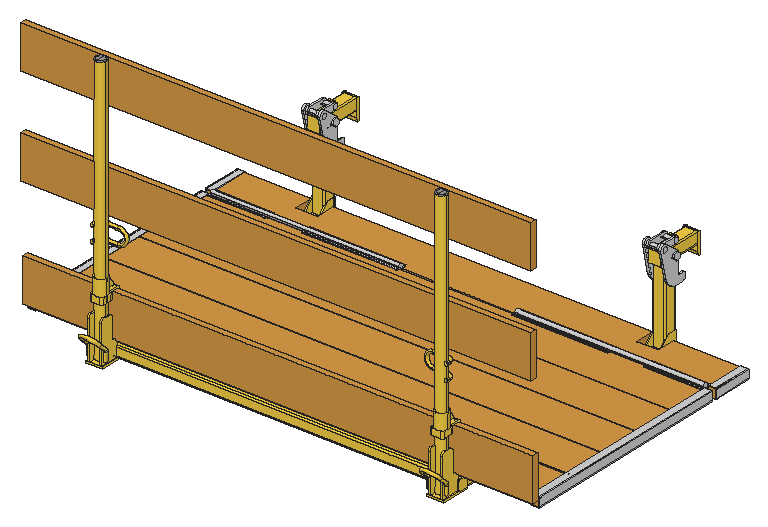
Revit family "ORMA_ORMA PLATFORM 2,4x1,2_1908171", category Generic Models, Revit 2018
Family settings
  Can host rebar = No
  Round Connector Dimension = Use Diameter
  Part Type = Normal
  OmniClass Number = 35.51.14.00
  OmniClass Title = FORMWORK
  Work Plane-Based = Yes
  Always vertical = No
  Cut with Voids When Loaded = No
  Shared = Yes
  Room Calculation Point = No
Parameters
  VERSION = "20170217"  # constant formula
  URL = "www.ulmaconstruction.com/en"
  UNICLASS = ""
  OPEN [instance] = no
  Manufacturer = "ULMA CONSTRUCTION"  # constant formula
  ITEM_CODE = "1908171"
  FILTER [instance] = ""
  Default Elevation = 0.000 mm
  CLOSED [instance] = not(OPEN)  # yes
  CLASSIFICATION_TITLE = ""
  CLASSIFICATION_NUMBER = ""
Reference planes
  plane 1 "Centro (Frontal/Posterior)": y = 0
  plane 2: z = 0
  plane 3 "Centro (Izquierda/Derecha)": x = 0
  plane 4 "001": x = 835
  plane 5 "002": x = 755
Forms (mm)
  Extrusion 1, solid, material "ULMA YELLOW"
    sketch origin (0, 124, 0) x (1, 0, 0) y (0, 1, 0)
      loop
        arc (771, -124) -> (766.757, -125.757) -> (765, -130) r 6
        line (765, -130) -> (765, -178)
        arc (765, -178) -> (766.757, -182.243) -> (771, -184) r 6
        line (771, -184) -> (819, -184)
        arc (819, -184) -> (823.243, -182.243) -> (825, -178) r 6
        line (825, -178) -> (825, -130)
        arc (825, -130) -> (823.243, -125.757) -> (819, -124) r 6
        line (819, -124) -> (771, -124)
    from -420 to 0
  Extrusion 2, solid, material "ULMA YELLOW"
    sketch origin (0, 0, 0) x (0, 1, 0) y (0, 0, 1)
      loop
        line (134, 50) -> (134, 58)
        arc (134, 58) -> (133.414, 59.414) -> (132, 60) r 2
        line (132, 60) -> (128, 60) -> (124, 56) -> (124, 50) -> (124, -25.072) -> (128, -40) -> (132.5, -40)
        arc (132.5, -40) -> (133.561, -39.561) -> (134, -38.5) r 1.5
        line (134, -38.5) -> (134, 50)
    from 760 to 830
  Extrusion 3, solid, material "ULMA ZINC", detail levels fine
    sketch origin (0, 0, 0) x (0, 1, 0) y (0, 0, 1)
      loop
        line (-11.249, 45.408) -> (-69.249, 93.408)
        arc (-69.249, 93.408) -> (-90.514, 96.097) -> (-102, 78) r 20
        line (-102, 78) -> (-68.252, -60.875)
        arc (-68.252, -60.875) -> (-46.26, -89.257) -> (-12, -100) r 60
        line (-12, -100) -> (21, -100) -> (32.857, -95.257)
        arc (32.857, -95.257) -> (35.14, -93.418) -> (36, -90.615) r 5
        line (36, -90.615) -> (36, -70)
        arc (36, -70) -> (34.536, -66.464) -> (31, -65) r 5
        line (31, -65) -> (8, -65)
        arc (8, -65) -> (-0.485, -61.485) -> (-4, -53) r 12
        line (-4, -53) -> (-4, 30)
        arc (-4, 30) -> (-5.903, 38.514) -> (-11.249, 45.408) r 20
    from 828.5 to 838.5
  Extrusion 4, solid, material "ULMA ZINC", detail levels fine
    sketch origin (-77, 0, 0) x (0, 1, 0) y (0, 0, 1)
      loop
        line (-11.249, 45.408) -> (-69.249, 93.408)
        arc (-69.249, 93.408) -> (-90.514, 96.097) -> (-102, 78) r 20
        line (-102, 78) -> (-68.252, -60.875)
        arc (-68.252, -60.875) -> (-46.26, -89.257) -> (-12, -100) r 60
        line (-12, -100) -> (21, -100) -> (32.857, -95.257)
        arc (32.857, -95.257) -> (35.14, -93.418) -> (36, -90.615) r 5
        line (36, -90.615) -> (36, -70)
        arc (36, -70) -> (34.536, -66.464) -> (31, -65) r 5
        line (31, -65) -> (8, -65)
        arc (8, -65) -> (-0.485, -61.485) -> (-4, -53) r 12
        line (-4, -53) -> (-4, 30)
        arc (-4, 30) -> (-5.903, 38.514) -> (-11.249, 45.408) r 20
    from 828.5 to 838.5
  Extrusion 5, solid, material "ULMA YELLOW"
    sketch origin (0, 0, 0) x (1, 0, 0) y (0, 0, 1)
      loop
        arc (825, 54) -> (823.243, 58.243) -> (819, 60) r 6
        line (819, 60) -> (771, 60)
        arc (771, 60) -> (766.757, 58.243) -> (765, 54) r 6
        line (765, 54) -> (765, 6)
        arc (765, 6) -> (766.757, 1.757) -> (771, 0) r 6
        line (771, 0) -> (819, 0)
        arc (819, 0) -> (823.243, 1.757) -> (825, 6) r 6
        line (825, 6) -> (825, 54)
    from -124 to 86
  Extrusion 6, solid, material "ULMA ZINC", detail levels fine
    sketch origin (0, 0, 0) x (0, 1, 0) y (0, 0, 1)
      loop
        line (-2, 93) -> (-82, 93)
        arc (-82, 93) -> (-97, 78) -> (-82, 63) r 15
        line (-82, 63) -> (-2, 63)
        arc (-2, 63) -> (13, 78) -> (-2, 93) r 15
    from 815.5 to 825.5
  Extrusion 7, solid, material "ULMA ZINC", detail levels fine
    sketch origin (0, 0, 0) x (0, 1, 0) y (0, 0, 1)
      loop
        circle (-82, 78) r 10
    from 749 to 841
  Extrusion 8, solid, material "ULMA ZINC", detail levels fine
    sketch origin (0, 0, 0) x (0, 1, 0) y (0, 0, 1)
      loop
        circle (-2, 78) r 10
    from 761 to 829
  Extrusion 9, solid, material "ULMA ZINC", detail levels fine
    sketch origin (-51, 0, 0) x (0, 1, 0) y (0, 0, 1)
      loop
        line (-2, 93) -> (-82, 93)
        arc (-82, 93) -> (-97, 78) -> (-82, 63) r 15
        line (-82, 63) -> (-2, 63)
        arc (-2, 63) -> (13, 78) -> (-2, 93) r 15
    from 815.5 to 825.5
  Extrusion 10, solid, material "ULMA YELLOW", detail levels fine
    sketch origin (0, 0, 0) x (1, 0, 0) y (0, 0, 1)
      loop
        arc (810, 80) -> (808.536, 83.536) -> (805, 85) r 5
        line (805, 85) -> (785, 85)
        arc (785, 85) -> (781.464, 83.536) -> (780, 80) r 5
        line (780, 80) -> (780, 60) -> (810, 60) -> (810, 80)
    from -19 to -11
  Extrusion 11, solid, material "ULMA YELLOW"
    sketch origin (0, 0, 0) x (1, 0, 0) y (0, 0, 1)
      loop
        arc (825, -366) -> (823.243, -361.757) -> (819, -360) r 6
        line (819, -360) -> (771, -360)
        arc (771, -360) -> (766.757, -361.757) -> (765, -366) r 6
        line (765, -366) -> (765, -414)
        arc (765, -414) -> (766.757, -418.243) -> (771, -420) r 6
        line (771, -420) -> (819, -420)
        arc (819, -420) -> (823.243, -418.243) -> (825, -414) r 6
        line (825, -414) -> (825, -366)
    from 60 to 1230
  Extrusion 12, solid, material "ULMA YELLOW", detail levels fine
    sketch origin (0, 0, 0) x (0, 1, 0) y (0, 0, 1)
      loop
        line (-125, -375) -> (-125, -415) -> (-5, -415) -> (-5, -295) -> (-45, -295) -> (-125, -375)
    from 825 to 831
  Extrusion 13, solid, material "ULMA YELLOW", detail levels fine
    sketch origin (-66, 0, 0) x (0, 1, 0) y (0, 0, 1)
      loop
        line (-125, -375) -> (-125, -415) -> (-5, -415) -> (-5, -295) -> (-45, -295) -> (-125, -375)
    from 825 to 831
  Extrusion 14, solid, material "ULMA YELLOW"
    sketch origin (0, 0, 0) x (0, 1, 0) y (0, 0, 1)
      loop
        arc (-54, -360) -> (-58.243, -361.757) -> (-60, -366) r 6
        line (-60, -366) -> (-60, -414)
        arc (-60, -414) -> (-58.243, -418.243) -> (-54, -420) r 6
        line (-54, -420) -> (-6, -420)
        arc (-6, -420) -> (-1.757, -418.243) -> (0, -414) r 6
        line (0, -414) -> (0, -366)
        arc (0, -366) -> (-1.757, -361.757) -> (-6, -360) r 6
        line (-6, -360) -> (-54, -360)
    from 459 to 759
  Extrusion 15, solid, material "ULMA YELLOW"
    sketch origin (0, 0, 0) x (1, 0, 0) y (0, 1, 0)
      loop
        line (765, -215.563) -> (609.437, -60) -> (524.584, -60) -> (765, -300.416) -> (765, -215.563)
    from -394 to -386
  Extrusion 16, solid, material "ULMA YELLOW", detail levels fine
    sketch origin (0, 0, 0) x (0, 1, 0) y (0, 0, 1)
      loop
        line (-933.392, -515) -> (-944.99, -508.304) -> (-947.99, -513.5) -> (-935, -521) -> (-865, -521) -> (-852.01, -513.5) -> (-855.01, -508.304) -> (-866.608, -515) -> (-933.392, -515)
    from 745 to 845
  Extrusion 17, solid, material "ULMA YELLOW", detail levels fine
    sketch origin (0, 0, 0) x (0, 1, 0) y (0, 0, 1)
      loop
        line (-335, -521) -> (-322.01, -513.5) -> (-325.01, -508.304) -> (-336.608, -515) -> (-403.392, -515) -> (-414.99, -508.304) -> (-417.99, -513.5) -> (-405, -521) -> (-335, -521)
    from 745 to 845
  Extrusion 18, solid, material "ULMA YELLOW", detail levels fine
    sketch origin (0, 0, 0) x (1, 0, 0) y (0, 1, 0)
      loop
        arc (825, -346) -> (823.243, -341.757) -> (819, -340) r 6
        line (819, -340) -> (771, -340)
        arc (771, -340) -> (766.757, -341.757) -> (765, -346) r 6
        line (765, -346) -> (765, -394)
        arc (765, -394) -> (766.757, -398.243) -> (771, -400) r 6
        line (771, -400) -> (819, -400)
        arc (819, -400) -> (823.243, -398.243) -> (825, -394) r 6
        line (825, -394) -> (825, -346)
    from -515 to -420
  Extrusion 19, solid, material "ULMA YELLOW", detail levels fine
    sketch origin (0, 0, 0) x (1, 0, 0) y (0, 1, 0)
      loop
        arc (825, -876) -> (823.243, -871.757) -> (819, -870) r 6
        line (819, -870) -> (771, -870)
        arc (771, -870) -> (766.757, -871.757) -> (765, -876) r 6
        line (765, -876) -> (765, -924)
        arc (765, -924) -> (766.757, -928.243) -> (771, -930) r 6
        line (771, -930) -> (819, -930)
        arc (819, -930) -> (823.243, -928.243) -> (825, -924) r 6
        line (825, -924) -> (825, -876)
    from -515 to -420
  Extrusion 20, solid, material "ULMA YELLOW"
    sketch origin (0, 0, 0) x (0, 1, 0) y (0, 0, 1)
      loop
        line (-1230, -410) -> (-1365, -410) -> (-1365, -418) -> (-1230, -418) -> (-1230, -410)
    from 755 to 835
  Extrusion 21, solid, material "ULMA YELLOW", detail levels fine
    sketch origin (0, 0, 0) x (0, 1, 0) y (0, 0, 1)
      loop
        line (-1362, -231) -> (-1362, -410) -> (-1280, -410) -> (-1280, -363)
        arc (-1280, -363) -> (-1278.162, -359.127) -> (-1274, -358.101) r 5
        line (-1274, -358.101) -> (-1274, -333)
        arc (-1274, -333) -> (-1275.464, -329.464) -> (-1279, -328) r 5
        line (-1279, -328) -> (-1294, -328)
        arc (-1294, -328) -> (-1301.071, -325.071) -> (-1304, -318) r 10
        line (-1304, -318) -> (-1304, -231)
        arc (-1304, -231) -> (-1308.393, -220.393) -> (-1319, -216) r 15
        line (-1319, -216) -> (-1347, -216)
        arc (-1347, -216) -> (-1357.607, -220.393) -> (-1362, -231) r 15
    from 762 to 770
  Extrusion 22, solid, material "ULMA YELLOW", detail levels fine
    sketch origin (58, 0, 0) x (0, 1, 0) y (0, 0, 1)
      loop
        line (-1362, -231) -> (-1362, -410) -> (-1280, -410) -> (-1280, -363)
        arc (-1280, -363) -> (-1278.162, -359.127) -> (-1274, -358.101) r 5
        line (-1274, -358.101) -> (-1274, -333)
        arc (-1274, -333) -> (-1275.464, -329.464) -> (-1279, -328) r 5
        line (-1279, -328) -> (-1294, -328)
        arc (-1294, -328) -> (-1301.071, -325.071) -> (-1304, -318) r 10
        line (-1304, -318) -> (-1304, -231)
        arc (-1304, -231) -> (-1308.393, -220.393) -> (-1319, -216) r 15
        line (-1319, -216) -> (-1347, -216)
        arc (-1347, -216) -> (-1357.607, -220.393) -> (-1362, -231) r 15
    from 762 to 770
  Extrusion 23, solid, material "ULMA YELLOW", detail levels fine
    sketch origin (0, 0, 0) x (1, 0, 0) y (0, 1, 0)
      loop
        line (815, -1297) -> (775, -1297)
        arc (775, -1297) -> (767.929, -1299.929) -> (765, -1307) r 10
        line (765, -1307) -> (765, -1347)
        arc (765, -1347) -> (767.929, -1354.071) -> (775, -1357) r 10
        line (775, -1357) -> (815, -1357)
        arc (815, -1357) -> (822.071, -1354.071) -> (825, -1347) r 10
        line (825, -1347) -> (825, -1307)
        arc (825, -1307) -> (822.071, -1299.929) -> (815, -1297) r 10
    from -160 to -130
  Extrusion 24, solid, material "ULMA YELLOW", detail levels fine
    sketch origin (0, 0, 0) x (1, 0, 0) y (0, 1, 0)
      loop
        circle (795, -1327) r 30
    from -130 to -60
  Extrusion 25, solid, material "ULMA YELLOW"
    sketch origin (0, 0, 0) x (1, 0, 0) y (0, 1, 0)
      loop
        circle (795, -1327) r 24
    from -402 to 848
  Extrusion 26, solid, material "ULMA YELLOW", detail levels fine
    sketch origin (0, 0, 0) x (0, 1, 0) y (0, 0, 1)
      loop
        line (-1297, -124) -> (-1257, -124) -> (-1297, -64) -> (-1297, -124)
    from 797.5 to 792.5
  Extrusion 27, solid, material "ULMA YELLOW", detail levels fine
    sketch origin (0, 0, 0) x (0, 1, 0) y (0, 0, 1)
      loop
        line (-1257, -124) -> (-1310.417, -124) -> (-1310.417, -130) -> (-1260, -130)
        arc (-1260, -130) -> (-1257.879, -130.879) -> (-1257, -133) r 3
        line (-1257, -133) -> (-1257, -230) -> (-1251, -230) -> (-1251, -130)
        arc (-1251, -130) -> (-1252.757, -125.757) -> (-1257, -124) r 6
    from 770 to 820
  Revolve 28, solid, material "ULMA POLYPROPYLENE BLACK", detail levels fine
    sketch origin (795, 0, 0) x (0, 1, 0) y (0, 0, 1)
      loop
        line (-1327, 851) -> (-1348.5, 851)
        arc (-1348.5, 851) -> (-1350.436, 850.081) -> (-1350.949, 848) r 2.5
        line (-1350.949, 848) -> (-1327, 848) -> (-1327, 851)
      axis (-1327, 851) -> (-1327, 848)
    angle from 0 to 360
  Sweep 29, solid, material "ULMA YELLOW", detail levels fine
    path in 3D
      loop
        line (826, -1339, 78) -> (826, -1327, 78)
        arc (826, -1327, 78) -> (816.92, -1305.08, 78) -> (795, -1296, 78) r 31
        line (795, -1296, 78) -> (735, -1296, 78)
        arc (735, -1296, 78) -> (700, -1296, 113) -> (735, -1296, 148) r 35
        line (735, -1296, 148) -> (795, -1296, 148)
        arc (795, -1296, 148) -> (816.92, -1305.08, 148) -> (826, -1327, 148) r 31
        line (826, -1327, 148) -> (826, -1339, 148)
    profile origin (826, -1333, 148) x (1, 0, 0) y (0, 0, 1)
      loop
        circle (0, 0) r 7
  Sweep 30, solid, material "ULMA YELLOW", detail levels fine
    path in 3D
      loop
        line (755, -1350, -390) -> (755, -1350, -349.527)
        arc (755, -1350, -349.527) -> (755, -1350.99, -344.552) -> (755, -1353.808, -340.335) r 13
        line (755, -1353.808, -340.335) -> (755, -1387.956, -306.186)
        arc (755, -1387.956, -306.186) -> (795, -1416.24, -277.902) -> (835, -1387.956, -306.186) r 40
        line (835, -1387.956, -306.186) -> (835, -1353.808, -340.335)
        arc (835, -1353.808, -340.335) -> (835, -1350.99, -344.552) -> (835, -1350, -349.527) r 13
        line (835, -1350, -349.527) -> (835, -1350, -390)
    profile origin (835, -1350, -369.763) x (1, 0, 0) y (0, 1, 0)
      loop
        circle (0, 0) r 7
  Extrusion 31, solid, material "ULMA ZINC", detail levels fine
    sketch origin (0, 0, 0) x (0, 1, 0) y (0, 0, 1)
      loop
        line (-37.01, 41.02) -> (-40.347, 25.158) -> (-27.452, 13.594) -> (-10.99, 18.98) -> (-7.653, 34.842) -> (-20.548, 46.406) -> (-37.01, 41.02)
    from 838.5 to 851.5
  Extrusion 32, solid, material "ULMA ZINC", detail levels fine
    sketch origin (1590, 0, 0) x (0, 1, 0) y (0, 0, -1)
      loop
        line (-37.01, -41.02) -> (-20.548, -46.406) -> (-7.653, -34.842) -> (-10.99, -18.98) -> (-27.452, -13.594) -> (-40.347, -25.158) -> (-37.01, -41.02)
    from 838.5 to 851.5
  Extrusion 33, solid, material "ULMA YELLOW"
    sketch origin (0, 124, 0) x (-1, 0, 0) y (0, -1, 0)
      loop
        line (771, 124) -> (819, 124)
        arc (819, 124) -> (823.243, 125.757) -> (825, 130) r 6
        line (825, 130) -> (825, 178)
        arc (825, 178) -> (823.243, 182.243) -> (819, 184) r 6
        line (819, 184) -> (771, 184)
        arc (771, 184) -> (766.757, 182.243) -> (765, 178) r 6
        line (765, 178) -> (765, 130)
        arc (765, 130) -> (766.757, 125.757) -> (771, 124) r 6
    from -420 to 0
  Extrusion 34, solid, material "ULMA YELLOW"
    sketch origin (0, 0, 0) x (0, 1, 0) y (0, 0, -1)
      loop
        line (134, -50) -> (134, 38.5)
        arc (134, 38.5) -> (133.561, 39.561) -> (132.5, 40) r 1.5
        line (132.5, 40) -> (128, 40) -> (124, 25.072) -> (124, -50) -> (124, -56) -> (128, -60) -> (132, -60)
        arc (132, -60) -> (133.414, -59.414) -> (134, -58) r 2
        line (134, -58) -> (134, -50)
    from 760 to 830
  Extrusion 35, solid, material "ULMA ZINC", detail levels fine
    sketch origin (0, 0, 0) x (0, 1, 0) y (0, 0, -1)
      loop
        arc (-11.249, -45.408) -> (-5.903, -38.514) -> (-4, -30) r 20
        line (-4, -30) -> (-4, 53)
        arc (-4, 53) -> (-0.485, 61.485) -> (8, 65) r 12
        line (8, 65) -> (31, 65)
        arc (31, 65) -> (34.536, 66.464) -> (36, 70) r 5
        line (36, 70) -> (36, 90.615)
        arc (36, 90.615) -> (35.14, 93.418) -> (32.857, 95.257) r 5
        line (32.857, 95.257) -> (21, 100) -> (-12, 100)
        arc (-12, 100) -> (-46.26, 89.257) -> (-68.252, 60.875) r 60
        line (-68.252, 60.875) -> (-102, -78)
        arc (-102, -78) -> (-90.514, -96.097) -> (-69.249, -93.408) r 20
        line (-69.249, -93.408) -> (-11.249, -45.408)
    from 828.5 to 838.5
  Extrusion 36, solid, material "ULMA ZINC", detail levels fine
    sketch origin (77, 0, 0) x (0, 1, 0) y (0, 0, -1)
      loop
        arc (-11.249, -45.408) -> (-5.903, -38.514) -> (-4, -30) r 20
        line (-4, -30) -> (-4, 53)
        arc (-4, 53) -> (-0.485, 61.485) -> (8, 65) r 12
        line (8, 65) -> (31, 65)
        arc (31, 65) -> (34.536, 66.464) -> (36, 70) r 5
        line (36, 70) -> (36, 90.615)
        arc (36, 90.615) -> (35.14, 93.418) -> (32.857, 95.257) r 5
        line (32.857, 95.257) -> (21, 100) -> (-12, 100)
        arc (-12, 100) -> (-46.26, 89.257) -> (-68.252, 60.875) r 60
        line (-68.252, 60.875) -> (-102, -78)
        arc (-102, -78) -> (-90.514, -96.097) -> (-69.249, -93.408) r 20
        line (-69.249, -93.408) -> (-11.249, -45.408)
    from 828.5 to 838.5
  Extrusion 37, solid, material "ULMA YELLOW"
    sketch origin (0, 0, 0) x (-1, 0, 0) y (0, 0, -1)
      loop
        line (825, -54) -> (825, -6)
        arc (825, -6) -> (823.243, -1.757) -> (819, 0) r 6
        line (819, 0) -> (771, 0)
        arc (771, 0) -> (766.757, -1.757) -> (765, -6) r 6
        line (765, -6) -> (765, -54)
        arc (765, -54) -> (766.757, -58.243) -> (771, -60) r 6
        line (771, -60) -> (819, -60)
        arc (819, -60) -> (823.243, -58.243) -> (825, -54) r 6
    from -124 to 86
  Extrusion 38, solid, material "ULMA ZINC", detail levels fine
    sketch origin (0, 0, 0) x (0, 1, 0) y (0, 0, -1)
      loop
        arc (-2, -93) -> (13, -78) -> (-2, -63) r 15
        line (-2, -63) -> (-82, -63)
        arc (-82, -63) -> (-97, -78) -> (-82, -93) r 15
        line (-82, -93) -> (-2, -93)
    from 815.5 to 825.5
  Extrusion 39, solid, material "ULMA ZINC", detail levels fine
    sketch origin (0, 0, 0) x (0, 1, 0) y (0, 0, -1)
      loop
        circle (-82, -78) r 10
    from 749 to 841
  Extrusion 40, solid, material "ULMA ZINC", detail levels fine
    sketch origin (0, 0, 0) x (0, 1, 0) y (0, 0, -1)
      loop
        circle (-2, -78) r 10
    from 761 to 829
  Extrusion 41, solid, material "ULMA ZINC", detail levels fine
    sketch origin (51, 0, 0) x (0, 1, 0) y (0, 0, -1)
      loop
        arc (-2, -93) -> (13, -78) -> (-2, -63) r 15
        line (-2, -63) -> (-82, -63)
        arc (-82, -63) -> (-97, -78) -> (-82, -93) r 15
        line (-82, -93) -> (-2, -93)
    from 815.5 to 825.5
  Extrusion 42, solid, material "ULMA YELLOW", detail levels fine
    sketch origin (0, 0, 0) x (-1, 0, 0) y (0, 0, -1)
      loop
        line (810, -80) -> (810, -60) -> (780, -60) -> (780, -80)
        arc (780, -80) -> (781.464, -83.536) -> (785, -85) r 5
        line (785, -85) -> (805, -85)
        arc (805, -85) -> (808.536, -83.536) -> (810, -80) r 5
    from -19 to -11
  Extrusion 43, solid, material "ULMA YELLOW"
    sketch origin (0, 0, 0) x (-1, 0, 0) y (0, 0, -1)
      loop
        line (825, 366) -> (825, 414)
        arc (825, 414) -> (823.243, 418.243) -> (819, 420) r 6
        line (819, 420) -> (771, 420)
        arc (771, 420) -> (766.757, 418.243) -> (765, 414) r 6
        line (765, 414) -> (765, 366)
        arc (765, 366) -> (766.757, 361.757) -> (771, 360) r 6
        line (771, 360) -> (819, 360)
        arc (819, 360) -> (823.243, 361.757) -> (825, 366) r 6
    from 60 to 1230
  Extrusion 44, solid, material "ULMA YELLOW", detail levels fine
    sketch origin (0, 0, 0) x (0, 1, 0) y (0, 0, -1)
      loop
        line (-125, 375) -> (-45, 295) -> (-5, 295) -> (-5, 415) -> (-125, 415) -> (-125, 375)
    from 825 to 831
  Extrusion 45, solid, material "ULMA YELLOW", detail levels fine
    sketch origin (66, 0, 0) x (0, 1, 0) y (0, 0, -1)
      loop
        line (-125, 375) -> (-45, 295) -> (-5, 295) -> (-5, 415) -> (-125, 415) -> (-125, 375)
    from 825 to 831
  Extrusion 46, solid, material "ULMA YELLOW"
    sketch origin (0, 0, 0) x (0, 1, 0) y (0, 0, -1)
      loop
        line (-54, 360) -> (-6, 360)
        arc (-6, 360) -> (-1.757, 361.757) -> (0, 366) r 6
        line (0, 366) -> (0, 414)
        arc (0, 414) -> (-1.757, 418.243) -> (-6, 420) r 6
        line (-6, 420) -> (-54, 420)
        arc (-54, 420) -> (-58.243, 418.243) -> (-60, 414) r 6
        line (-60, 414) -> (-60, 366)
        arc (-60, 366) -> (-58.243, 361.757) -> (-54, 360) r 6
    from 459 to 759
  Extrusion 47, solid, material "ULMA YELLOW"
    sketch origin (0, 0, 0) x (-1, 0, 0) y (0, -1, 0)
      loop
        line (765, 215.563) -> (765, 300.416) -> (524.584, 60) -> (609.437, 60) -> (765, 215.563)
    from -394 to -386
  Extrusion 48, solid, material "ULMA YELLOW", detail levels fine
    sketch origin (0, 0, 0) x (0, 1, 0) y (0, 0, -1)
      loop
        line (-933.392, 515) -> (-866.608, 515) -> (-855.01, 508.304) -> (-852.01, 513.5) -> (-865, 521) -> (-935, 521) -> (-947.99, 513.5) -> (-944.99, 508.304) -> (-933.392, 515)
    from 745 to 845
  Extrusion 49, solid, material "ULMA YELLOW", detail levels fine
    sketch origin (0, 0, 0) x (0, 1, 0) y (0, 0, -1)
      loop
        line (-335, 521) -> (-405, 521) -> (-417.99, 513.5) -> (-414.99, 508.304) -> (-403.392, 515) -> (-336.608, 515) -> (-325.01, 508.304) -> (-322.01, 513.5) -> (-335, 521)
    from 745 to 845
  Extrusion 50, solid, material "ULMA YELLOW", detail levels fine
    sketch origin (0, 0, 0) x (-1, 0, 0) y (0, -1, 0)
      loop
        line (825, 346) -> (825, 394)
        arc (825, 394) -> (823.243, 398.243) -> (819, 400) r 6
        line (819, 400) -> (771, 400)
        arc (771, 400) -> (766.757, 398.243) -> (765, 394) r 6
        line (765, 394) -> (765, 346)
        arc (765, 346) -> (766.757, 341.757) -> (771, 340) r 6
        line (771, 340) -> (819, 340)
        arc (819, 340) -> (823.243, 341.757) -> (825, 346) r 6
    from -515 to -420
  Extrusion 51, solid, material "ULMA YELLOW", detail levels fine
    sketch origin (0, 0, 0) x (-1, 0, 0) y (0, -1, 0)
      loop
        line (825, 876) -> (825, 924)
        arc (825, 924) -> (823.243, 928.243) -> (819, 930) r 6
        line (819, 930) -> (771, 930)
        arc (771, 930) -> (766.757, 928.243) -> (765, 924) r 6
        line (765, 924) -> (765, 876)
        arc (765, 876) -> (766.757, 871.757) -> (771, 870) r 6
        line (771, 870) -> (819, 870)
        arc (819, 870) -> (823.243, 871.757) -> (825, 876) r 6
    from -515 to -420
  Extrusion 52, solid, material "ULMA YELLOW"
    sketch origin (0, 0, 0) x (0, 1, 0) y (0, 0, -1)
      loop
        line (-1230, 410) -> (-1230, 418) -> (-1365, 418) -> (-1365, 410) -> (-1230, 410)
    from 755 to 835
  Extrusion 53, solid, material "ULMA YELLOW", detail levels fine
    sketch origin (0, 0, 0) x (0, 1, 0) y (0, 0, -1)
      loop
        arc (-1362, 231) -> (-1357.607, 220.393) -> (-1347, 216) r 15
        line (-1347, 216) -> (-1319, 216)
        arc (-1319, 216) -> (-1308.393, 220.393) -> (-1304, 231) r 15
        line (-1304, 231) -> (-1304, 318)
        arc (-1304, 318) -> (-1301.071, 325.071) -> (-1294, 328) r 10
        line (-1294, 328) -> (-1279, 328)
        arc (-1279, 328) -> (-1275.464, 329.464) -> (-1274, 333) r 5
        line (-1274, 333) -> (-1274, 358.101)
        arc (-1274, 358.101) -> (-1278.162, 359.127) -> (-1280, 363) r 5
        line (-1280, 363) -> (-1280, 410) -> (-1362, 410) -> (-1362, 231)
    from 762 to 770
  Extrusion 54, solid, material "ULMA YELLOW", detail levels fine
    sketch origin (-58, 0, 0) x (0, 1, 0) y (0, 0, -1)
      loop
        arc (-1362, 231) -> (-1357.607, 220.393) -> (-1347, 216) r 15
        line (-1347, 216) -> (-1319, 216)
        arc (-1319, 216) -> (-1308.393, 220.393) -> (-1304, 231) r 15
        line (-1304, 231) -> (-1304, 318)
        arc (-1304, 318) -> (-1301.071, 325.071) -> (-1294, 328) r 10
        line (-1294, 328) -> (-1279, 328)
        arc (-1279, 328) -> (-1275.464, 329.464) -> (-1274, 333) r 5
        line (-1274, 333) -> (-1274, 358.101)
        arc (-1274, 358.101) -> (-1278.162, 359.127) -> (-1280, 363) r 5
        line (-1280, 363) -> (-1280, 410) -> (-1362, 410) -> (-1362, 231)
    from 762 to 770
  Extrusion 55, solid, material "ULMA YELLOW", detail levels fine
    sketch origin (0, 0, 0) x (-1, 0, 0) y (0, -1, 0)
      loop
        arc (815, 1297) -> (822.071, 1299.929) -> (825, 1307) r 10
        line (825, 1307) -> (825, 1347)
        arc (825, 1347) -> (822.071, 1354.071) -> (815, 1357) r 10
        line (815, 1357) -> (775, 1357)
        arc (775, 1357) -> (767.929, 1354.071) -> (765, 1347) r 10
        line (765, 1347) -> (765, 1307)
        arc (765, 1307) -> (767.929, 1299.929) -> (775, 1297) r 10
        line (775, 1297) -> (815, 1297)
    from -160 to -130
  Extrusion 56, solid, material "ULMA YELLOW", detail levels fine
    sketch origin (0, 0, 0) x (-1, 0, 0) y (0, -1, 0)
      loop
        circle (795, 1327) r 30
    from -130 to -60
  Extrusion 57, solid, material "ULMA YELLOW"
    sketch origin (0, 0, 0) x (-1, 0, 0) y (0, -1, 0)
      loop
        circle (795, 1327) r 24
    from -402 to 848
  Extrusion 58, solid, material "ULMA YELLOW", detail levels fine
    sketch origin (0, 0, 0) x (0, 1, 0) y (0, 0, -1)
      loop
        line (-1297, 124) -> (-1297, 64) -> (-1257, 124) -> (-1297, 124)
    from 797.5 to 792.5
  Extrusion 59, solid, material "ULMA YELLOW", detail levels fine
    sketch origin (0, 0, 0) x (0, 1, 0) y (0, 0, -1)
      loop
        arc (-1257, 124) -> (-1252.757, 125.757) -> (-1251, 130) r 6
        line (-1251, 130) -> (-1251, 230) -> (-1257, 230) -> (-1257, 133)
        arc (-1257, 133) -> (-1257.879, 130.879) -> (-1260, 130) r 3
        line (-1260, 130) -> (-1310.417, 130) -> (-1310.417, 124) -> (-1257, 124)
    from 770 to 820
  Revolve 60, solid, material "ULMA POLYPROPYLENE BLACK", detail levels fine
    sketch origin (-795, 0, 0) x (0, 1, 0) y (0, 0, -1)
      loop
        line (-1327, -851) -> (-1327, -848) -> (-1350.949, -848)
        arc (-1350.949, -848) -> (-1350.436, -850.081) -> (-1348.5, -851) r 2.5
        line (-1348.5, -851) -> (-1327, -851)
      axis (-1327, -851) -> (-1327, -848)
    angle from 0 to 360
  Sweep 61, solid, material "ULMA YELLOW", detail levels fine
    path in 3D
      loop
        line (-826, -1339, 78) -> (-826, -1327, 78)
        arc (-826, -1327, 78) -> (-816.92, -1305.08, 78) -> (-795, -1296, 78) r 31
        line (-795, -1296, 78) -> (-735, -1296, 78)
        arc (-735, -1296, 78) -> (-700, -1296, 113) -> (-735, -1296, 148) r 35
        line (-735, -1296, 148) -> (-795, -1296, 148)
        arc (-795, -1296, 148) -> (-816.92, -1305.08, 148) -> (-826, -1327, 148) r 31
        line (-826, -1327, 148) -> (-826, -1339, 148)
    profile origin (-826, -1333, 148) x (1, 0, 0) y (0, 0, 1)
      loop
        circle (0, 0) r 7
  Sweep 62, solid, material "ULMA YELLOW", detail levels fine
    path in 3D
      loop
        line (-755, -1350, -390) -> (-755, -1350, -349.527)
        arc (-755, -1350, -349.527) -> (-755, -1350.99, -344.552) -> (-755, -1353.808, -340.335) r 13
        line (-755, -1353.808, -340.335) -> (-755, -1387.956, -306.186)
        arc (-755, -1387.956, -306.186) -> (-795, -1416.24, -277.902) -> (-835, -1387.956, -306.186) r 40
        line (-835, -1387.956, -306.186) -> (-835, -1353.808, -340.335)
        arc (-835, -1353.808, -340.335) -> (-835, -1350.99, -344.552) -> (-835, -1350, -349.527) r 13
        line (-835, -1350, -349.527) -> (-835, -1350, -390)
    profile origin (-835, -1350, -369.763) x (-1, 0, 0) y (0, -1, 0)
      loop
        circle (0, 0) r 7
  Extrusion 63, solid, material "ULMA ZINC", detail levels fine
    sketch origin (0, 0, 0) x (0, 1, 0) y (0, 0, -1)
      loop
        line (-37.01, -41.02) -> (-20.548, -46.406) -> (-7.653, -34.842) -> (-10.99, -18.98) -> (-27.452, -13.594) -> (-40.347, -25.158) -> (-37.01, -41.02)
    from 838.5 to 851.5
  Extrusion 64, solid, material "ULMA ZINC", detail levels fine
    sketch origin (-1590, 0, 0) x (0, 1, 0) y (0, 0, 1)
      loop
        line (-37.01, 41.02) -> (-40.347, 25.158) -> (-27.452, 13.594) -> (-10.99, 18.98) -> (-7.653, 34.842) -> (-20.548, 46.406) -> (-37.01, 41.02)
    from 838.5 to 851.5
  Extrusion 65, solid, material "ULMA YELLOW"
    sketch origin (0, 0, 0) x (0, 1, 0) y (0, 0, 1)
      loop
        arc (-1274, -360) -> (-1278.243, -361.757) -> (-1280, -366) r 6
        line (-1280, -366) -> (-1280, -404)
        arc (-1280, -404) -> (-1278.243, -408.243) -> (-1274, -410) r 6
        line (-1274, -410) -> (-1236, -410)
        arc (-1236, -410) -> (-1231.757, -408.243) -> (-1230, -404) r 6
        line (-1230, -404) -> (-1230, -366)
        arc (-1230, -366) -> (-1231.757, -361.757) -> (-1236, -360) r 6
        line (-1236, -360) -> (-1274, -360)
    from 835 to -835
  Extrusion 66, solid, material "ULMA YELLOW", detail levels fine
    sketch origin (0, 0, 0) x (0, 1, 0) y (0, 0, 1)
      loop
        line (-1239.5, -361.5) -> (-1270.5, -361.5)
        arc (-1270.5, -361.5) -> (-1276.157, -363.843) -> (-1278.5, -369.5) r 8
        line (-1278.5, -369.5) -> (-1278.5, -400.5)
        arc (-1278.5, -400.5) -> (-1276.157, -406.157) -> (-1270.5, -408.5) r 8
        line (-1270.5, -408.5) -> (-1239.5, -408.5)
        arc (-1239.5, -408.5) -> (-1233.843, -406.157) -> (-1231.5, -400.5) r 8
        line (-1231.5, -400.5) -> (-1231.5, -369.5)
        arc (-1231.5, -369.5) -> (-1233.843, -363.843) -> (-1239.5, -361.5) r 8
    from 835 to 838
  Extrusion 67, solid, material "ULMA YELLOW", detail levels fine
    sketch origin (-1673, 0, 0) x (0, 1, 0) y (0, 0, 1)
      loop
        line (-1239.5, -361.5) -> (-1270.5, -361.5)
        arc (-1270.5, -361.5) -> (-1276.157, -363.843) -> (-1278.5, -369.5) r 8
        line (-1278.5, -369.5) -> (-1278.5, -400.5)
        arc (-1278.5, -400.5) -> (-1276.157, -406.157) -> (-1270.5, -408.5) r 8
        line (-1270.5, -408.5) -> (-1239.5, -408.5)
        arc (-1239.5, -408.5) -> (-1233.843, -406.157) -> (-1231.5, -400.5) r 8
        line (-1231.5, -400.5) -> (-1231.5, -369.5)
        arc (-1231.5, -369.5) -> (-1233.843, -363.843) -> (-1239.5, -361.5) r 8
    from 835 to 838
  Extrusion 68, solid, material "ULMA PINE PLANK"
    sketch origin (0, 0, 0) x (0, 1, 0) y (0, 0, 1)
      loop
        line (-1289, -130) -> (-1289, -330) -> (-1259, -330) -> (-1259, -130) -> (-1289, -130)
      loop
        line (-1273, 188) -> (-1273, 388) -> (-1303, 388) -> (-1303, 188) -> (-1273, 188)
      loop
        line (-1273, 648) -> (-1273, 848) -> (-1303.051, 848) -> (-1303.051, 648) -> (-1273, 648)
    from -1190 to 1190
  Extrusion 69, solid, material "ULMA ZINC", detail levels fine
    sketch origin (0, 0, 0) x (1, 0, 0) y (0, 0, 1)
      loop
        line (-1157.5, -317) -> (-1188.5, -317)
        arc (-1188.5, -317) -> (-1191.328, -318.172) -> (-1192.5, -321) r 4
        line (-1192.5, -321) -> (-1192.5, -359)
        arc (-1192.5, -359) -> (-1191.328, -361.828) -> (-1188.5, -363) r 4
        line (-1188.5, -363) -> (-1157.5, -363) -> (-1157.5, -361) -> (-1188.5, -361)
        arc (-1188.5, -361) -> (-1189.914, -360.414) -> (-1190.5, -359) r 2
        line (-1190.5, -359) -> (-1190.5, -321)
        arc (-1190.5, -321) -> (-1189.914, -319.586) -> (-1188.5, -319) r 2
        line (-1188.5, -319) -> (-1157.5, -319) -> (-1157.5, -317)
      loop
        line (1157.5, -317) -> (1157.5, -319) -> (1188.5, -319)
        arc (1188.5, -319) -> (1189.914, -319.586) -> (1190.5, -321) r 2
        line (1190.5, -321) -> (1190.5, -359)
        arc (1190.5, -359) -> (1189.914, -360.414) -> (1188.5, -361) r 2
        line (1188.5, -361) -> (1157.5, -361) -> (1157.5, -363) -> (1188.5, -363)
        arc (1188.5, -363) -> (1191.328, -361.828) -> (1192.5, -359) r 4
        line (1192.5, -359) -> (1192.5, -321)
        arc (1192.5, -321) -> (1191.328, -318.172) -> (1188.5, -317) r 4
        line (1188.5, -317) -> (1157.5, -317)
    from 246 to 1254
  Extrusion 70, solid, material "ULMA PINE PLANK"
    sketch origin (0, 0, 0) x (0, 1, 0) y (0, 0, 1)
      loop
        line (-1052, -320) -> (-1052, -360) -> (-852, -360) -> (-852, -320) -> (-1052, -320)
      loop
        line (-850, -320) -> (-850, -360) -> (-650, -360) -> (-650, -320) -> (-850, -320)
      loop
        line (-648, -320) -> (-648, -360) -> (-448, -360) -> (-448, -320) -> (-648, -320)
      loop
        line (-446, -320) -> (-446, -361) -> (-246, -361) -> (-246, -320) -> (-446, -320)
      loop
        line (-1054, -320) -> (-1254, -320) -> (-1254, -360) -> (-1054, -360) -> (-1054, -320)
    from -1190.5 to 1190.5
  Extrusion 71, solid, material "ULMA ZINC", detail levels fine
    sketch origin (0, 0, 0) x (0, 1, 0) y (0, 0, 1)
      loop
        line (-247, -316) -> (-257, -316) -> (-257, -319) -> (-247, -319)
        arc (-247, -319) -> (-245.586, -319.586) -> (-245, -321) r 2
        line (-245, -321) -> (-245, -359)
        arc (-245, -359) -> (-245.586, -360.414) -> (-247, -361) r 2
        line (-247, -361) -> (-294, -361) -> (-294, -364) -> (-247, -364)
        arc (-247, -364) -> (-243.464, -362.536) -> (-242, -359) r 5
        line (-242, -359) -> (-242, -321)
        arc (-242, -321) -> (-243.464, -317.464) -> (-247, -316) r 5
    from 266.5 to 712.5
  Extrusion 72, solid, material "ULMA ZINC", detail levels fine
    sketch origin (230, 0, 0) x (0, 1, 0) y (0, 0, 1)
      loop
        line (-247, -316) -> (-257, -316) -> (-257, -319) -> (-247, -319)
        arc (-247, -319) -> (-245.586, -319.586) -> (-245, -321) r 2
        line (-245, -321) -> (-245, -359)
        arc (-245, -359) -> (-245.586, -360.414) -> (-247, -361) r 2
        line (-247, -361) -> (-294, -361) -> (-294, -364) -> (-247, -364)
        arc (-247, -364) -> (-243.464, -362.536) -> (-242, -359) r 5
        line (-242, -359) -> (-242, -321)
        arc (-242, -321) -> (-243.464, -317.464) -> (-247, -316) r 5
    from 652.5 to 922.5
  Extrusion 73, solid, material "ULMA ZINC", detail levels fine
    sketch origin (-760, 0, 0) x (0, 1, 0) y (0, 0, 1)
      loop
        line (-247, -316) -> (-257, -316) -> (-257, -319) -> (-247, -319)
        arc (-247, -319) -> (-245.586, -319.586) -> (-245, -321) r 2
        line (-245, -321) -> (-245, -359)
        arc (-245, -359) -> (-245.586, -360.414) -> (-247, -361) r 2
        line (-247, -361) -> (-294, -361) -> (-294, -364) -> (-247, -364)
        arc (-247, -364) -> (-243.464, -362.536) -> (-242, -359) r 5
        line (-242, -359) -> (-242, -321)
        arc (-242, -321) -> (-243.464, -317.464) -> (-247, -316) r 5
    from 47.5 to 493.5
  Extrusion 74, solid, material "ULMA ZINC", detail levels fine
    sketch origin (-1420, 0, 0) x (0, 1, 0) y (0, 0, 1)
      loop
        line (-247, -316) -> (-257, -316) -> (-257, -319) -> (-247, -319)
        arc (-247, -319) -> (-245.586, -319.586) -> (-245, -321) r 2
        line (-245, -321) -> (-245, -359)
        arc (-245, -359) -> (-245.586, -360.414) -> (-247, -361) r 2
        line (-247, -361) -> (-294, -361) -> (-294, -364) -> (-247, -364)
        arc (-247, -364) -> (-243.464, -362.536) -> (-242, -359) r 5
        line (-242, -359) -> (-242, -321)
        arc (-242, -321) -> (-243.464, -317.464) -> (-247, -316) r 5
    from 537.5 to 267.5
  Extrusion 75, solid, material "ULMA ZINC", visible <- "CLOSED", detail levels fine
    sketch origin (0, -467, 0) x (0, -1, 0) y (0, 0, -1)
      loop
        arc (-247, 316) -> (-243.464, 317.464) -> (-242, 321) r 5
        line (-242, 321) -> (-242, 359)
        arc (-242, 359) -> (-243.464, 362.536) -> (-247, 364) r 5
        line (-247, 364) -> (-294, 364) -> (-294, 361) -> (-247, 361)
        arc (-247, 361) -> (-245.586, 360.414) -> (-245, 359) r 2
        line (-245, 359) -> (-245, 321)
        arc (-245, 321) -> (-245.586, 319.586) -> (-247, 319) r 2
        line (-247, 319) -> (-257, 319) -> (-257, 316) -> (-247, 316)
    from 266.5 to 712.5
  Extrusion 76, solid, material "ULMA ZINC", visible <- "CLOSED", detail levels fine
    sketch origin (230, -467, 0) x (0, -1, 0) y (0, 0, -1)
      loop
        arc (-247, 316) -> (-243.464, 317.464) -> (-242, 321) r 5
        line (-242, 321) -> (-242, 359)
        arc (-242, 359) -> (-243.464, 362.536) -> (-247, 364) r 5
        line (-247, 364) -> (-294, 364) -> (-294, 361) -> (-247, 361)
        arc (-247, 361) -> (-245.586, 360.414) -> (-245, 359) r 2
        line (-245, 359) -> (-245, 321)
        arc (-245, 321) -> (-245.586, 319.586) -> (-247, 319) r 2
        line (-247, 319) -> (-257, 319) -> (-257, 316) -> (-247, 316)
    from 652.5 to 922.5
  Extrusion 77, solid, material "ULMA ZINC", visible <- "CLOSED", detail levels fine
    sketch origin (-760, -467, 0) x (0, -1, 0) y (0, 0, -1)
      loop
        arc (-247, 316) -> (-243.464, 317.464) -> (-242, 321) r 5
        line (-242, 321) -> (-242, 359)
        arc (-242, 359) -> (-243.464, 362.536) -> (-247, 364) r 5
        line (-247, 364) -> (-294, 364) -> (-294, 361) -> (-247, 361)
        arc (-247, 361) -> (-245.586, 360.414) -> (-245, 359) r 2
        line (-245, 359) -> (-245, 321)
        arc (-245, 321) -> (-245.586, 319.586) -> (-247, 319) r 2
        line (-247, 319) -> (-257, 319) -> (-257, 316) -> (-247, 316)
    from 47.5 to 493.5
  Extrusion 78, solid, material "ULMA ZINC", visible <- "CLOSED", detail levels fine
    sketch origin (-1420, -467, 0) x (0, -1, 0) y (0, 0, -1)
      loop
        arc (-247, 316) -> (-243.464, 317.464) -> (-242, 321) r 5
        line (-242, 321) -> (-242, 359)
        arc (-242, 359) -> (-243.464, 362.536) -> (-247, 364) r 5
        line (-247, 364) -> (-294, 364) -> (-294, 361) -> (-247, 361)
        arc (-247, 361) -> (-245.586, 360.414) -> (-245, 359) r 2
        line (-245, 359) -> (-245, 321)
        arc (-245, 321) -> (-245.586, 319.586) -> (-247, 319) r 2
        line (-247, 319) -> (-257, 319) -> (-257, 316) -> (-247, 316)
    from 537.5 to 267.5
  Extrusion 79, solid, material "ULMA ZINC", detail levels fine
    sketch origin (0, 0, 0) x (0, 1, 0) y (0, 0, 1)
      loop
        circle (-233.5, -314) r 10
    from 270.5 to 1150.5
  Extrusion 80, solid, material "ULMA ZINC", detail levels fine
    sketch origin (-1421, 0, 0) x (0, 1, 0) y (0, 0, 1)
      loop
        circle (-233.5, -314) r 10
    from 270.5 to 1150.5
  Extrusion 81, solid, material "ULMA ZINC", visible <- "CLOSED", detail levels fine
    sketch origin (0, 1033, 0) x (1, 0, 0) y (0, 0, 1)
      loop
        line (-1157.5, -317) -> (-1188.5, -317)
        arc (-1188.5, -317) -> (-1191.328, -318.172) -> (-1192.5, -321) r 4
        line (-1192.5, -321) -> (-1192.5, -359)
        arc (-1192.5, -359) -> (-1191.328, -361.828) -> (-1188.5, -363) r 4
        line (-1188.5, -363) -> (-1157.5, -363) -> (-1157.5, -361) -> (-1188.5, -361)
        arc (-1188.5, -361) -> (-1189.914, -360.414) -> (-1190.5, -359) r 2
        line (-1190.5, -359) -> (-1190.5, -321)
        arc (-1190.5, -321) -> (-1189.914, -319.586) -> (-1188.5, -319) r 2
        line (-1188.5, -319) -> (-1157.5, -319) -> (-1157.5, -317)
      loop
        line (1157.5, -317) -> (1157.5, -319) -> (1188.5, -319)
        arc (1188.5, -319) -> (1189.914, -319.586) -> (1190.5, -321) r 2
        line (1190.5, -321) -> (1190.5, -359)
        arc (1190.5, -359) -> (1189.914, -360.414) -> (1188.5, -361) r 2
        line (1188.5, -361) -> (1157.5, -361) -> (1157.5, -363) -> (1188.5, -363)
        arc (1188.5, -363) -> (1191.328, -361.828) -> (1192.5, -359) r 4
        line (1192.5, -359) -> (1192.5, -321)
        arc (1192.5, -321) -> (1191.328, -318.172) -> (1188.5, -317) r 4
        line (1188.5, -317) -> (1157.5, -317)
    from 1069 to 1254
  Extrusion 82, solid, material "ULMA PINE PLANK", visible <- "CLOSED"
    sketch origin (0, 0, 0) x (1, 0, 0) y (0, 1, 0)
      loop
        line (-1190.5, -36) -> (-1190.5, -221) -> (-260, -221) -> (-260, -236) -> (260, -236) -> (260, -221) -> (1190.5, -221) -> (1190.5, -36) -> (845, -36) -> (845, -126) -> (745, -126) -> (745, -36) -> (-745, -36) -> (-745, -126) -> (-845, -126) -> (-845, -36) -> (-1190.5, -36)
    from -360 to -320
  Extrusion 83, solid, material "ULMA ZINC", visible <- "OPEN", detail levels fine
    sketch origin (0, 0, -628) x (0, 1, 0) y (0, 0, 1)
      loop
        arc (-247, 316) -> (-243.464, 317.464) -> (-242, 321) r 5
        line (-242, 321) -> (-242, 359)
        arc (-242, 359) -> (-243.464, 362.536) -> (-247, 364) r 5
        line (-247, 364) -> (-294, 364) -> (-294, 361) -> (-247, 361)
        arc (-247, 361) -> (-245.586, 360.414) -> (-245, 359) r 2
        line (-245, 359) -> (-245, 321)
        arc (-245, 321) -> (-245.586, 319.586) -> (-247, 319) r 2
        line (-247, 319) -> (-257, 319) -> (-257, 316) -> (-247, 316)
    from 266.5 to 712.5
  Extrusion 84, solid, material "ULMA ZINC", visible <- "OPEN", detail levels fine
    sketch origin (230, 0, -628) x (0, 1, 0) y (0, 0, 1)
      loop
        arc (-247, 316) -> (-243.464, 317.464) -> (-242, 321) r 5
        line (-242, 321) -> (-242, 359)
        arc (-242, 359) -> (-243.464, 362.536) -> (-247, 364) r 5
        line (-247, 364) -> (-294, 364) -> (-294, 361) -> (-247, 361)
        arc (-247, 361) -> (-245.586, 360.414) -> (-245, 359) r 2
        line (-245, 359) -> (-245, 321)
        arc (-245, 321) -> (-245.586, 319.586) -> (-247, 319) r 2
        line (-247, 319) -> (-257, 319) -> (-257, 316) -> (-247, 316)
    from 652.5 to 922.5
  Extrusion 85, solid, material "ULMA ZINC", visible <- "OPEN", detail levels fine
    sketch origin (-760, 0, -628) x (0, 1, 0) y (0, 0, 1)
      loop
        arc (-247, 316) -> (-243.464, 317.464) -> (-242, 321) r 5
        line (-242, 321) -> (-242, 359)
        arc (-242, 359) -> (-243.464, 362.536) -> (-247, 364) r 5
        line (-247, 364) -> (-294, 364) -> (-294, 361) -> (-247, 361)
        arc (-247, 361) -> (-245.586, 360.414) -> (-245, 359) r 2
        line (-245, 359) -> (-245, 321)
        arc (-245, 321) -> (-245.586, 319.586) -> (-247, 319) r 2
        line (-247, 319) -> (-257, 319) -> (-257, 316) -> (-247, 316)
    from 47.5 to 493.5
  Extrusion 86, solid, material "ULMA ZINC", visible <- "OPEN", detail levels fine
    sketch origin (-1420, 0, -628) x (0, 1, 0) y (0, 0, 1)
      loop
        arc (-247, 316) -> (-243.464, 317.464) -> (-242, 321) r 5
        line (-242, 321) -> (-242, 359)
        arc (-242, 359) -> (-243.464, 362.536) -> (-247, 364) r 5
        line (-247, 364) -> (-294, 364) -> (-294, 361) -> (-247, 361)
        arc (-247, 361) -> (-245.586, 360.414) -> (-245, 359) r 2
        line (-245, 359) -> (-245, 321)
        arc (-245, 321) -> (-245.586, 319.586) -> (-247, 319) r 2
        line (-247, 319) -> (-257, 319) -> (-257, 316) -> (-247, 316)
    from 537.5 to 267.5
  Extrusion 87, solid, material "ULMA ZINC", visible <- "OPEN", detail levels fine
    sketch origin (0, -1500, -628) x (1, 0, 0) y (0, 0, -1)
      loop
        line (-1157.5, -317) -> (-1188.5, -317)
        arc (-1188.5, -317) -> (-1191.328, -318.172) -> (-1192.5, -321) r 4
        line (-1192.5, -321) -> (-1192.5, -359)
        arc (-1192.5, -359) -> (-1191.328, -361.828) -> (-1188.5, -363) r 4
        line (-1188.5, -363) -> (-1157.5, -363) -> (-1157.5, -361) -> (-1188.5, -361)
        arc (-1188.5, -361) -> (-1189.914, -360.414) -> (-1190.5, -359) r 2
        line (-1190.5, -359) -> (-1190.5, -321)
        arc (-1190.5, -321) -> (-1189.914, -319.586) -> (-1188.5, -319) r 2
        line (-1188.5, -319) -> (-1157.5, -319) -> (-1157.5, -317)
      loop
        line (1157.5, -317) -> (1157.5, -319) -> (1188.5, -319)
        arc (1188.5, -319) -> (1189.914, -319.586) -> (1190.5, -321) r 2
        line (1190.5, -321) -> (1190.5, -359)
        arc (1190.5, -359) -> (1189.914, -360.414) -> (1188.5, -361) r 2
        line (1188.5, -361) -> (1157.5, -361) -> (1157.5, -363) -> (1188.5, -363)
        arc (1188.5, -363) -> (1191.328, -361.828) -> (1192.5, -359) r 4
        line (1192.5, -359) -> (1192.5, -321)
        arc (1192.5, -321) -> (1191.328, -318.172) -> (1188.5, -317) r 4
        line (1188.5, -317) -> (1157.5, -317)
    from 1069 to 1254
  Extrusion 88, solid, material "ULMA PINE PLANK", visible <- "OPEN", detail levels medium+fine
    sketch origin (0, -467, 52) x (0, -1, 0) y (1, 0, 0)
      loop
        line (-36, -1190.5) -> (-36, -845) -> (-126, -845) -> (-126, -745) -> (-36, -745) -> (-36, 745) -> (-126, 745) -> (-126, 845) -> (-36, 845) -> (-36, 1190.5) -> (-221, 1190.5) -> (-221, 260) -> (-236, 260) -> (-236, -260) -> (-221, -260) -> (-221, -1190.5) -> (-36, -1190.5)
    from -360 to -320
Lines and regions (mm)
  reference lines
    curve 1: line (795, -1296, 148) -> (735, -1296, 148)
    curve 2: arc (735, -1296, 148) -> (700, -1296, 113) -> (735, -1296, 78) r 35
    curve 3: line (826, -1327, 148) -> (826, -1339, 148)
    curve 4: arc (826, -1327, 148) -> (816.92, -1305.08, 148) -> (795, -1296, 148) r 31
    curve 5: line (795, -1296, 78) -> (735, -1296, 78)
    curve 6: line (826, -1327, 78) -> (826, -1339, 78)
    curve 7: arc (826, -1327, 78) -> (816.92, -1305.08, 78) -> (795, -1296, 78) r 31
    curve 15: line (835, -1387.956, -306.186) -> (835, -1353.808, -340.335)
    curve 16: arc (835, -1353.808, -340.335) -> (835, -1350.99, -344.552) -> (835, -1350, -349.527) r 13
    curve 17: line (835, -1350, -349.527) -> (835, -1350, -390)
    curve 18: line (755, -1387.956, -306.186) -> (755, -1353.808, -340.335)
    curve 19: arc (755, -1353.808, -340.335) -> (755, -1350.99, -344.552) -> (755, -1350, -349.527) r 13
    curve 20: line (755, -1350, -349.527) -> (755, -1350, -390)
    curve 21: arc (835, -1387.956, -306.186) -> (795, -1416.24, -277.902) -> (755, -1387.956, -306.186) r 40
  sketch lines
    curve 8: line (826, -1327, 148) -> (826, -1339, 148)
    curve 9: arc (826, -1327, 148) -> (816.92, -1305.08, 148) -> (795, -1296, 148) r 31
    curve 10: arc (735, -1296, 148) -> (700, -1296, 113) -> (735, -1296, 78) r 35
    curve 11: line (795, -1296, 148) -> (735, -1296, 148)
    curve 12: line (795, -1296, 78) -> (735, -1296, 78)
    curve 13: arc (826, -1327, 78) -> (816.92, -1305.08, 78) -> (795, -1296, 78) r 31
    curve 14: line (826, -1327, 78) -> (826, -1339, 78)
    curve 22: line (835, -1350, -349.527) -> (835, -1350, -390)
    curve 23: arc (835, -1353.808, -340.335) -> (835, -1350.99, -344.552) -> (835, -1350, -349.527) r 13
    curve 24: line (835, -1387.956, -306.186) -> (835, -1353.808, -340.335)
    curve 25: arc (835, -1387.956, -306.186) -> (795, -1416.24, -277.902) -> (755, -1387.956, -306.186) r 40
    curve 26: line (755, -1387.956, -306.186) -> (755, -1353.808, -340.335)
    curve 27: arc (755, -1353.808, -340.335) -> (755, -1350.99, -344.552) -> (755, -1350, -349.527) r 13
    curve 28: line (755, -1350, -349.527) -> (755, -1350, -390)
    curve 29: line (-826, -1327, 148) -> (-826, -1339, 148)
    curve 30: arc (-826, -1327, 148) -> (-816.92, -1305.08, 148) -> (-795, -1296, 148) r 31
    curve 31: arc (-735, -1296, 148) -> (-700, -1296, 113) -> (-735, -1296, 78) r 35
    curve 32: line (-795, -1296, 148) -> (-735, -1296, 148)
    curve 33: line (-795, -1296, 78) -> (-735, -1296, 78)
    curve 34: arc (-826, -1327, 78) -> (-816.92, -1305.08, 78) -> (-795, -1296, 78) r 31
    curve 35: line (-826, -1327, 78) -> (-826, -1339, 78)
    curve 36: line (-835, -1350, -349.527) -> (-835, -1350, -390)
    curve 37: arc (-835, -1353.808, -340.335) -> (-835, -1350.99, -344.552) -> (-835, -1350, -349.527) r 13
    curve 38: line (-835, -1387.956, -306.186) -> (-835, -1353.808, -340.335)
    curve 39: arc (-835, -1387.956, -306.186) -> (-795, -1416.24, -277.902) -> (-755, -1387.956, -306.186) r 40
    curve 40: line (-755, -1387.956, -306.186) -> (-755, -1353.808, -340.335)
    curve 41: arc (-755, -1353.808, -340.335) -> (-755, -1350.99, -344.552) -> (-755, -1350, -349.527) r 13
    curve 42: line (-755, -1350, -349.527) -> (-755, -1350, -390)
Dimensions and locks
  aligned and locked: level to plane 2
